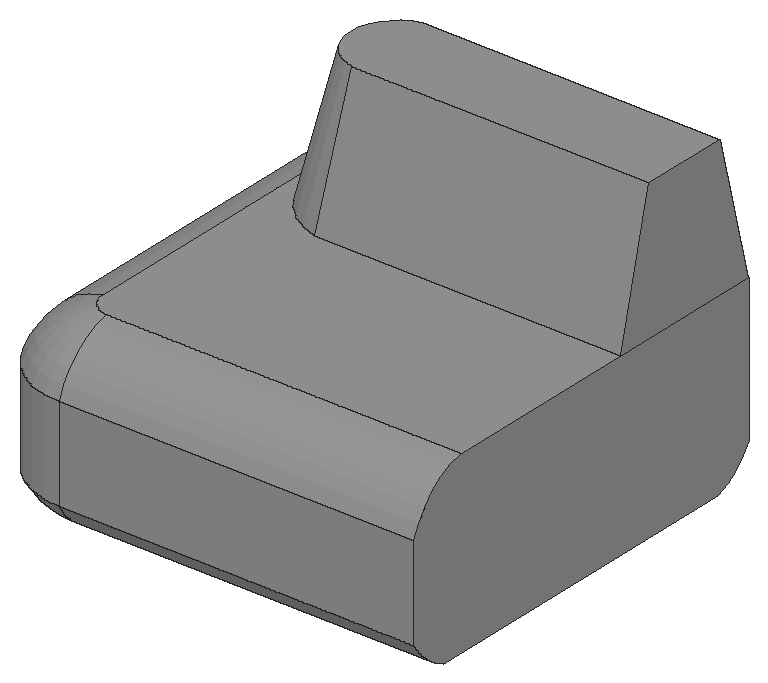
Revit family "_Casino_LHF", category Furniture, Revit 2013
Parameters (values of type "Casino 1 Seat LHF")
  Model = "Casino"
  Length = 3' - 1"
  Description = "Seating"
  Width = 3' - 0 1/4"
  URL = "http://bernhardtdesign.com/"
  Product Page URL = "http://www.bernhardtdesign.com/products/casino/index.html"
  Product Name = "Casino"
  Product Documentation Link = "http://www.bernhardtdesign.com/pdf/pricelists/sofas/Casino_PL.pdf"
  Manufacturer = "Bernhardt "  # constant formula
  Level Certification = ""
  Height = 2' - 4 1/4"
  GreenGuard Certification = ""
  Bernhardt Fabric = Fabric-Bernhardt-White
Reference planes (in)
  plane 1 "Center (Front/Back)": y = 0
  plane 2 "Bottom": z = 0
  plane 3 "Center (Left/Right)": x = 25.9341
  plane 4 "bottom": z = 1.16279
  plane 5 "base of back cushion": z = 16.29409
  plane 6: x = 63.02887
  plane 7 "top": z = 28.14339
  plane 8: y = 18.17146
  plane 9: y = -17.31987
  plane 10: y = 12.28146
  plane 11: y = -11.42987
Forms (in)
  Extrusion 1, solid, material "Fabric-Bernhardt-White"
    sketch origin (46.7152, 0, 0) x (-1, 0, 0) y (0, -1, 0)
      loop
        line (-16.31367, -18.17146) -> (10.80455, -18.17146)
        arc (10.80455, -18.17146) -> (17.87562, -15.24253) -> (20.80455, -8.17146) r 10
        line (20.80455, -8.17146) -> (20.80455, 10.31987)
        arc (20.80455, 10.31987) -> (18.7543, 15.26962) -> (13.80455, 17.31987) r 7
        line (13.80455, 17.31987) -> (-16.31367, 17.31987) -> (-16.31367, -18.17146)
    from 1.16279 to 16.29409
  Sweep 2, void
    path in 3D
      loop
        line (63.02887, 18.17146, 1.16279) -> (35.91065, 18.17146, 1.16279)
        arc (35.91065, 18.17146, 1.16279) -> (28.83958, 15.24253, 1.16279) -> (25.91065, 8.17146, 1.16279) r 10
        line (25.91065, 8.17146, 1.16279) -> (25.91065, -10.31987, 1.16279)
        arc (25.91065, -10.31987, 1.16279) -> (27.9609, -15.26962, 1.16279) -> (32.91065, -17.31987, 1.16279) r 7
        line (32.91065, -17.31987, 1.16279) -> (63.02887, -17.31987, 1.16279)
    profile origin (47.96976, -17.31987, 1.16279) x (0, -1, 0) y (0, 0, -1)
      loop
        line (0.04047, -2.82561) -> (2.00695, -2.82561) -> (2.00695, 1.67439) -> (-3.74305, 1.67439) -> (-3.74305, 0.17439)
        arc (-3.74305, 0.17439) -> (-1.53462, -0.92623) -> (0.04047, -2.82561) r 5.97274
  Sweep 3, void
    path in 3D
      loop
        line (63.02887, -17.31987, 16.29409) -> (32.91065, -17.31987, 16.29409)
        arc (32.91065, -17.31987, 16.29409) -> (27.9609, -15.26962, 16.29409) -> (25.91065, -10.31987, 16.29409) r 7
        line (25.91065, -10.31987, 16.29409) -> (25.91065, 20.68013, 16.29409)
    profile origin (47.96976, -17.31987, 16.29409) x (0, -1, 0) y (0, 0, 1)
      loop
        arc (-5.06987, 0) -> (-1.92508, -1.50203) -> (0, -4.40717) r 6.533
        line (0, -4.40717) -> (2.5, -4.40717) -> (2.5, 0.9602) -> (-5.06987, 0)
  Extrusion 4, solid, material "Plastic, Opaque Black"
    sketch origin (49.32487, 2.23669, 0) x (1, 0, 0) y (0, 1, 0)
      loop
        circle (-13.65846, -11.94587) r 1.75
    from 0 to 1.16279
  SweptBlend 5, solid, material "Fabric-Bernhardt-White"
    path in 3D
      loop
        line (46.7152, 11.41343, 28.14339) -> (46.7152, 11.41343, 16.29409)
    profile origin (46.7152, 11.41343, 28.14339) x (-1, 0, 0) y (0, -1, 0)
      loop
        line (-16.31367, 3.75803) -> (-16.31367, -3.75803) -> (8.93633, -3.75803)
        arc (8.93633, -3.75803) -> (12.00445, 0) -> (8.93633, 3.75803) r 3.8356
        line (8.93633, 3.75803) -> (-16.31367, 3.75803)
    end profile origin (46.7152, 11.41343, 16.29409) x (-1, 0, 0) y (0, -1, 0)
      loop
        line (-16.31367, 6.75803) -> (-16.31367, -6.74552) -> (9.67925, -6.74552)
        arc (9.67925, -6.74552) -> (15.00448, 0.00626) -> (9.67925, 6.75803) r 6.94285
        line (9.67925, 6.75803) -> (-16.31367, 6.75803)
  Extrusion 6, solid, material "Plastic, Opaque Black"
    sketch origin (49.32487, 22.47734, 0) x (1, 0, 0) y (0, 1, 0)
      loop
        circle (-13.65846, -11.94587) r 1.75
    from 0 to 1.16279
  Extrusion 7, solid, material "Plastic, Opaque Black"
    sketch origin (40.08276, 2.22983, 0) x (-1, 0, 0) y (0, -1, 0)
      loop
        circle (-13.65846, 11.94587) r 1.75
    from 0 to 1.16279
  Extrusion 8, solid, material "Plastic, Opaque Black"
    sketch origin (40.31061, 22.43251, 0) x (-1, 0, 0) y (0, -1, 0)
      loop
        circle (-13.65846, 11.94587) r 1.75
    from 0 to 1.16279
Cuts and joins
  Sweep 2, Sweep 3 cuts Extrusion 1
Lines and regions (in)
  sketch lines
    curve 1: line (32.91065, -17.31987, 1.16279) -> (63.02887, -17.31987, 1.16279)
    curve 2: arc (32.91065, -17.31987, 1.16279) -> (27.9609, -15.26962, 1.16279) -> (25.91065, -10.31987, 1.16279) r 7
    curve 3: line (25.91065, 8.17146, 1.16279) -> (25.91065, -10.31987, 1.16279)
    curve 4: arc (25.91065, 8.17146, 1.16279) -> (28.83958, 15.24253, 1.16279) -> (35.91065, 18.17146, 1.16279) r 10
    curve 5: line (63.02887, 18.17146, 1.16279) -> (35.91065, 18.17146, 1.16279)
    curve 6: line (63.02887, -17.31987, 16.29409) -> (32.91065, -17.31987, 16.29409)
    curve 7: arc (25.91065, -10.31987, 16.29409) -> (27.9609, -15.26962, 16.29409) -> (32.91065, -17.31987, 16.29409) r 7
    curve 8: line (25.91065, -10.31987, 16.29409) -> (25.91065, 20.68013, 16.29409)
    curve 11: line (46.7152, 11.41343, 28.14339) -> (46.7152, 11.41343, 16.29409)
  reference lines
    curve 9: line (63.02887, 18.17146, 16.29409) -> (63.02887, 4.21421, 16.29409)
    curve 10: line (37.03594, 18.17146, 16.29409) -> (63.02887, 18.17146, 16.29409)
  symbolic lines
    curve 12: line (63.02887, 18.17146, 28.14339) -> (34.99574, 18.17146, 28.14339)
    curve 13: arc (37.03594, 18.17146, 28.14339) -> (29.5179, 15.85801, 28.14339) -> (25.9341, 8.85591, 28.14339) r 10.109
    curve 14: line (25.9341, 8.85591, 28.14339) -> (25.9341, -10.47485, 28.14339)
    curve 15: arc (25.9341, -10.47485, 28.14339) -> (27.93896, -15.31501, 28.14339) -> (32.77912, -17.31987, 28.14339) r 6.84502
    curve 16: line (32.77912, -17.31987, 28.14339) -> (63.02887, -17.31987, 28.14339)
    curve 17: line (63.02887, -17.31987, 28.14339) -> (63.02887, 18.17146, 28.14339)
    curve 18: arc (37.03594, 18.17146, 28.14339) -> (31.71071, 11.41969, 28.14339) -> (37.03594, 4.66792, 28.14339) r 6.94285
    curve 19: line (37.03594, 4.66792, 28.14339) -> (63.02887, 4.66792, 28.14339)
Dimensions and locks (in)
  locked: Extrusion 8 sketch curve to plane 6 at 7.3098
  locked: Extrusion 7 sketch curve to plane 6 at 7.53764
  locked: plane 3 "Center (Left/Right)" to Extrusion 6 sketch curve at 7.98232
  plane 3 "Center (Left/Right)" to Extrusion 4 sketch curve = 0' - 7.98232"
  plane 3 "Center (Left/Right)" to plane 6 = 3' - 1.09477"
  radius of Extrusion 4 sketch curve = 0' - 1 3/4"
  radius of Extrusion 6 sketch curve = 0' - 1 3/4"
  radius of Extrusion 7 sketch curve = 0' - 1 3/4"
  radius of Extrusion 8 sketch curve = 0' - 1 3/4"
  aligned and locked: plane 2 "Bottom" to level
  aligned and locked: plane 3 "Center (Left/Right)" to curve 14
  aligned and locked: SweptBlend 5 sketch curve to plane 6  (x2)
  aligned and locked: curve 17 to plane 6
